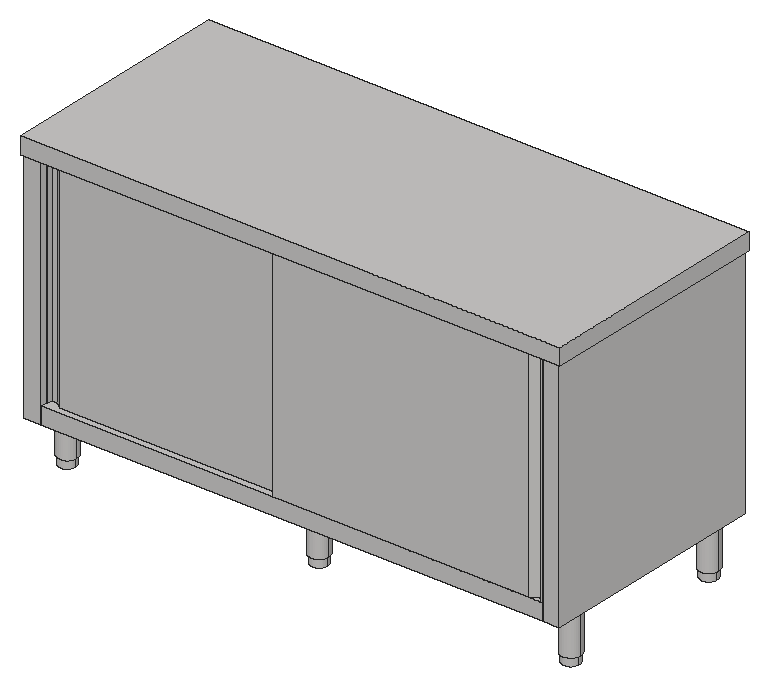
Revit family "QF_ELECTROLUXPROFESSIONAL_133076_TN1600EN", category Attrezzature speciali, Revit 2020
Family settings
  Quota connettore circolare = Usa diametro
  Tipo di parte = Normale
  Basato su piano di lavoro = No
  Sempre verticale = Sì
  Taglio con vuoti quando caricato = No
  Condiviso = No
  Punto di calcolo locali = No
Parameters (values of type "Standard")
  Weight = 65.00 kg
  Watts = 0 W
  Volts = 0 V
  URL Manufacturer = "https://www.electroluxprofessional.com/"
  URL = "https://www.electroluxprofessional.com/"
  Steam Supply Size = 0 mm
  Steam Supply Minimum Pressure = 0.0 Pa
  Steam Supply Maximum Pressure = 0.0 Pa
  Steam Consumption per Hour = 0
  Refrigeration Suction Line Size = 0.0 mm
  Refrigeration Liquid Line Size = 0.0 mm
  Refrigerant Compressor Remote = yes
  Prospetto di default = 0.0 mm
  Produttore = "Electrolux Professional"
  Phase = 0
  Modello = "TN1600EN"
  Length Actual = 1600.0 mm  # constant formula
  Item Number = "133076"
  Hot Water Size = 0 mm
  Height Actual = 900.0 mm  # constant formula
  HP = "0 HP"
  Gas Size = 0 mm
  Gas KW = 0
  Gas Input Pressure = 0 W
  Direct Waste Size = 0 mm
  Descrizione = "WORKTOP CUPBOARD 1600 MM"
  Depth Actual = 700.0 mm  # constant formula
  Cycle = 0 Hz
  Condensate Return Size = 0 mm
  Compressed Air Volume = 0.0 L/s
  Compressed Air Size = 0 mm
  Compressed Air Pressure = 0.0 Pa
  Cold Water Size = 0 mm
  Accessory = yes
Reference planes
  plane 1 "Center (Front/Back)": y = 0
  plane 2: z = 0
  plane 3 "Center (Left/Right)": x = -300
  plane 4 "LEFT": x = -1100
  plane 5 "RIGHT": x = 500
  plane 6 "BACK": y = 350
  plane 7 "FRONT": y = -350
  plane 8 "Base": z = 850
  plane 9 "TOP": z = 900
  plane 10: x = -1046.9
  plane 11: x = 446.9
  plane 12: y = 270
  plane 13: y = -241.9
  plane 14 "BodyLeft": x = -1094.5
  plane 15 "BodyFront": y = -344.5
  plane 16 "BodyRight": x = 494.5
  plane 17 "BodyBack": y = 344.5
  plane 18 "FEET": z = 150
  plane 19: x = -244.5
  plane 20: x = -355.5
Forms (mm)
  Extrusion 1, solid, material "QF_Finishes_Stainless Steel"
    sketch origin (-300, 0, 0) x (0, 1, 0) y (0, 0, 1)
      loop
        line (-350, 850) -> (350, 850) -> (350, 900) -> (-350, 900) -> (-350, 850)
    from 800 to -800
  Extrusion 2, solid, material "QF_Finishes_Stainless Steel"
    sketch origin (0, 0, 150) x (-1, 0, 0) y (0, -1, 0)
      loop
        line (1094.5, -344.5) -> (1094.5, 344.5) -> (1044.5, 344.5) -> (1044.5, -344.5) -> (1094.5, -344.5)
      loop
        line (-444.5, -344.5) -> (-444.5, 344.5) -> (-494.5, 344.5) -> (-494.5, -344.5) -> (-444.5, -344.5)
    from 0 to 700
  Extrusion 3, solid, material "QF_Finishes_Stainless Steel"
    sketch origin (0, 0, 150) x (-1, 0, 0) y (0, -1, 0)
      loop
        line (1043.585, -344.5) -> (1043.585, 344.5) -> (-444.5, 344.5) -> (-444.5, -344.5) -> (1043.585, -344.5)
    from 0 to 50
  Extrusion 4, solid, material "QF_Finishes_Stainless Steel"
    sketch origin (0, 0, 150) x (-1, 0, 0) y (0, -1, 0)
      loop
        line (1043.585, -344.5) -> (1043.585, -294.5) -> (-444.5, -294.5) -> (-444.5, -344.5) -> (1043.585, -344.5)
    from 50 to 700
  Extrusion 5, solid, material "QF_Finishes_Stainless Steel"
    sketch origin (0, 0, 150) x (-1, 0, 0) y (0, -1, 0)
      loop
        line (-444.5, 344.5) -> (-444.5, 324.5) -> (355.5, 324.5) -> (355.5, 344.5) -> (-404.5, 344.5) -> (-424.5, 329.5) -> (-439.5, 329.5) -> (-439.5, 344.5) -> (-444.5, 344.5)
    from 50 to 700
  Extrusion 6, solid, material "QF_Finishes_Stainless Steel"
    sketch origin (0, 20, 150) x (1, 0, 0) y (0, 1, 0)
      loop
        line (-1044.5, -344.5) -> (-1039.5, -344.5) -> (-1039.5, -329.5) -> (-1024.5, -329.5) -> (-1004.5, -344.5) -> (-244.5, -344.5) -> (-244.5, -324.5) -> (-1044.5, -324.5) -> (-1044.5, -344.5)
    from 50 to 700
Lines and regions (mm)
  symbolic lines
    curve 1: line (500, 350, 900) -> (-1100, 350, 900)
    curve 2: line (-1100, 350, 900) -> (-1100, -350, 900)
    curve 3: line (-1100, -350, 900) -> (500, -350, 900)
    curve 4: line (500, -350, 900) -> (500, 350, 900)
  symbolic lines, style "SpecialityEquipmentHiddenLines"
    curve 5: line (-1094.5, 344.5, 150) -> (494.5, 344.5, 150)
    curve 6: line (-1094.5, -344.5, 150) -> (-1094.5, 344.5, 150)
    curve 7: line (494.5, -344.5, 150) -> (-1094.5, -344.5, 150)
    curve 8: line (494.5, 344.5, 150) -> (494.5, -344.5, 150)
    curve 9: line (-1044.5, -304.5, 150) -> (-244.5, -304.5, 150)
    curve 10: line (-244.5, -304.5, 150) -> (-244.5, -324.5, 150)
    curve 11: line (-1044.5, -324.5, 150) -> (444.5, -324.5, 150)
    curve 12: line (444.5, -324.5, 150) -> (444.5, -344.5, 150)
    curve 13: line (-355.5, -324.5, 150) -> (-355.5, -344.5, 150)
    curve 14: line (-1044.5, -304.5, 150) -> (-1044.5, -324.5, 150)
Dimensions and locks
  plane 4 "LEFT" to plane 5 "RIGHT" = 1600.0 mm
  equal spacing: plane 4 "LEFT", plane 3 "Center (Left/Right)", plane 5 "RIGHT"
  locked: plane 8 "Base" to level at 850
  plane 9 "TOP" to level = 900.0 mm
  plane 6 "BACK" to plane 7 "FRONT" = 700.0 mm
  equal spacing: plane 6 "BACK", plane 1 "Center (Front/Back)", plane 7 "FRONT"
  locked: plane 4 "LEFT" to plane 14 "BodyLeft" at 5.5
  locked: plane 16 "BodyRight" to plane 5 "RIGHT" at 5.5
  locked: plane 15 "BodyFront" to plane 7 "FRONT" at 5.5
  locked: plane 6 "BACK" to plane 17 "BodyBack" at 5.5
  locked: plane 14 "BodyLeft" to plane 10 at 47.6
  locked: plane 11 to plane 16 "BodyRight" at 47.6
  locked: plane 13 to plane 15 "BodyFront" at 102.6
  locked: plane 17 "BodyBack" to plane 12 at 74.5
  plane 10 to plane 11 = 1493.8 mm
  plane 12 to plane 13 = 511.9 mm
  locked: plane 14 "BodyLeft" to Extrusion 2 sketch curve at 50
  locked: Extrusion 2 sketch curve to Extrusion 2 sketch curve at 50
  Extrusion 3 to Extrusion 4 sketch curve = 50.0 mm
  Extrusion 2 to plane 19 = 800.0 mm
  plane 20 to Extrusion 2 = 800.0 mm
  locked: plane 18 "FEET" to level at 150
  aligned and locked: level to plane 2
  aligned and locked: plane 10 to nested 1
  aligned and locked: nested 1 to plane 13
  aligned and locked: plane 11 to nested 2
  aligned and locked: nested 2 to plane 13
  aligned and locked: plane 11 to nested 4
  aligned and locked: nested 4 to plane 12
  aligned and locked: plane 10 to nested 3
  aligned and locked: nested 3 to plane 12
  aligned and locked: Extrusion 1 to plane 4 "LEFT"
  aligned and locked: plane 5 "RIGHT" to Extrusion 1
  aligned and locked: curve 2 to plane 4 "LEFT"
  aligned and locked: plane 17 "BodyBack" to Extrusion 2 sketch curve
  aligned and locked: Extrusion 2 sketch curve to plane 15 "BodyFront"
  aligned and locked: Extrusion 2 sketch curve to plane 14 "BodyLeft"
  aligned and locked: plane 16 "BodyRight" to Extrusion 2 sketch curve
  aligned and locked: Extrusion 2 sketch curve to plane 17 "BodyBack"
  aligned and locked: plane 15 "BodyFront" to Extrusion 2 sketch curve
  aligned and locked: Extrusion 3 sketch curve to plane 17 "BodyBack"
  aligned and locked: plane 15 "BodyFront" to Extrusion 3 sketch curve
  aligned and locked: plane 8 "Base" to Extrusion 2
  aligned and locked: Extrusion 4 sketch curve to Extrusion 3
  aligned and locked: plane 8 "Base" to Extrusion 5
  aligned and locked: Extrusion 5 to Extrusion 3
  aligned and locked: Extrusion 6 sketch curve to plane 19
  aligned and locked: Extrusion 5 sketch curve to plane 20
  aligned and locked: Extrusion 1 to plane 8 "Base"
  aligned and locked: plane 9 "TOP" to Extrusion 1
  aligned and locked: curve 5 to plane 17 "BodyBack"
  aligned and locked: plane 14 "BodyLeft" to curve 6
  aligned and locked: plane 15 "BodyFront" to curve 7
  aligned and locked: plane 16 "BodyRight" to curve 8
  aligned and locked: plane 3 "Center (Left/Right)" to nested 5
  aligned and locked: plane 3 "Center (Left/Right)" to nested 6
Automatic sketch dimensions
  curve 3 to plane 7 "FRONT" = 0.0 mm
  curve 4 to plane 6 "BACK" = 0.0 mm
  Extrusion 1 sketch curve to plane 7 "FRONT" = 0.0 mm
  plane 9 "TOP" to Extrusion 1 sketch curve = 0.0 mm
  Extrusion 1 sketch curve to plane 6 "BACK" = 0.0 mm
  Extrusion 1 sketch curve to plane 8 "Base" = 0.0 mm
  Extrusion 5 sketch curve to plane 15 "BodyFront" = 0.0 mm  (x2)
  Extrusion 5 sketch curve to plane 11 = 2.4 mm
  Extrusion 5 sketch curve to Extrusion 5 sketch curve = 5.0 mm
  Extrusion 5 sketch curve to Extrusion 5 sketch curve = 15.0 mm
  Extrusion 5 sketch curve to Extrusion 5 sketch curve = 20.0 mm
  plane 15 "BodyFront" to Extrusion 5 sketch curve = 15.0 mm
  plane 15 "BodyFront" to Extrusion 5 sketch curve = 20.0 mm
  Extrusion 6 sketch curve to plane 15 "BodyFront" = 20.0 mm  (x2)
  Extrusion 6 sketch curve to plane 10 = 2.4 mm
  Extrusion 6 sketch curve to Extrusion 6 sketch curve = 5.0 mm
  Extrusion 6 sketch curve to Extrusion 6 sketch curve = 15.0 mm
  Extrusion 6 sketch curve to Extrusion 6 sketch curve = 20.0 mm  (x2)
  Extrusion 6 sketch curve to plane 15 "BodyFront" = 35.0 mm
  Extrusion 3 sketch curve to plane 11 = 2.4 mm
  plane 10 to Extrusion 3 sketch curve = 3.315 mm
  Extrusion 4 sketch curve to plane 11 = 2.4 mm
  plane 10 to Extrusion 4 sketch curve = 3.315 mm
  curve 10 to plane 19 = 0.0 mm
  curve 13 to plane 20 = 0.0 mm
  curve 11 to plane 11 = 2.4 mm
  plane 15 "BodyFront" to curve 9 = 40.0 mm
  curve 12 to curve 12 = 20.0 mm
  plane 10 to curve 14 = 2.4 mm
  curve 4 to plane 5 "RIGHT" = 0.0 mm
Nested families
  nested 1: "FEET_D58-150" at (-1046.9, -241.9, 0), type "FEET_D58-150"
  nested 2: "FEET_D58-150" at (446.9, -241.9, 0), type "FEET_D58-150"
  nested 3: "FEET_D58-150" at (-1046.9, 270, 0), type "FEET_D58-150"
  nested 4: "FEET_D58-150" at (446.9, 270, 0), type "FEET_D58-150"
  nested 5: "FEET_D58-150" at (-300, -241.9, 0), type "FEET_D58-150"
  nested 6: "FEET_D58-150" at (-300, 270, 0), type "FEET_D58-150"
Definition of nested family "FEET_D58-150"
  Parameters
    Default Elevation = 0.0 mm
    FEET = 150.0 mm
  Reference planes
    plane 1 "Center (Front/Back)": y = 0
    plane 2: z = 0
    plane 3 "Center (Left/Right)": x = 0
    plane 4: z = 150
  Forms (mm)
    Extrusion 1, solid
      sketch origin (0, 0, 0) x (1, 0, 0) y (0, 1, 0)
        loop
          circle (0, 0) r 25
      from 0 to 25
    Extrusion 2, solid
      sketch origin (0, 0, 0) x (1, 0, 0) y (0, 1, 0)
        loop
          circle (0.061, 0) r 29
      from 25 to 150 <- "FEET"
  Lines and regions (mm)
    symbolic lines
      curve 1: line (0, -1.503, 0) -> (0, 1.508, 0)
      curve 2: line (1.561, 0, 0) -> (-1.439, 0, 0)
  Dimensions and locks
    "FEET": plane 4 to plane 2
    aligned and locked: level to plane 2
  Automatic sketch dimensions
    plane 1 "Center (Front/Back)" to Extrusion 1 sketch curve = 0.0 mm
    Extrusion 1 sketch curve to plane 3 "Center (Left/Right)" = 0.0 mm
    plane 1 "Center (Front/Back)" to curve 2 = 0.0 mm
    curve 1 to plane 3 "Center (Left/Right)" = 0.0 mm
    curve 2 to plane 3 "Center (Left/Right)" = 1.439 mm
    plane 3 "Center (Left/Right)" to curve 2 = 1.561 mm
    plane 1 "Center (Front/Back)" to curve 1 = 1.503 mm
    curve 1 to plane 1 "Center (Front/Back)" = 1.508 mm
    plane 1 "Center (Front/Back)" to Extrusion 2 sketch curve = 0.0 mm
    plane 3 "Center (Left/Right)" to Extrusion 2 sketch curve = 0.061 mm
    radius of Extrusion 1 sketch curve = 25.0 mm
    radius of Extrusion 2 sketch curve = 29.0 mm
